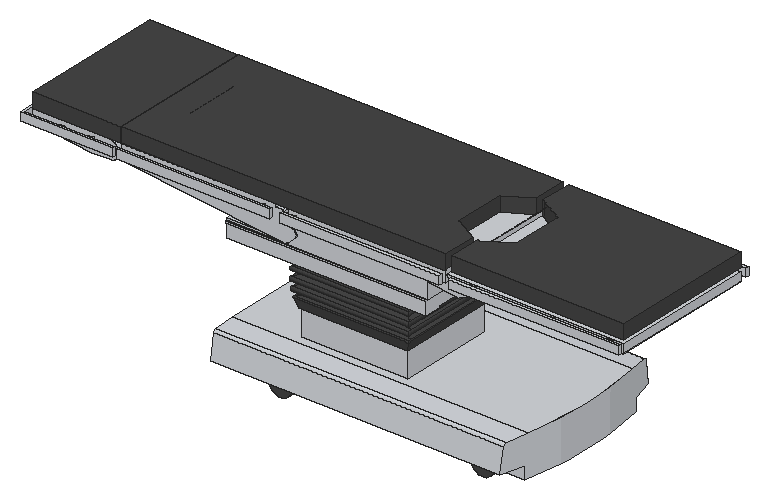
Revit family "R5095SurgicalTable", category Specialty Equipment, Revit 2017
Family settings
  Round Connector Dimension = Use Diameter
  Part Type = Normal
  Work Plane-Based = No
  Always vertical = Yes
  Cut with Voids When Loaded = No
  Shared = No
  Room Calculation Point = No
Parameters (values of type "STERIS 5095 General Surgical Table")
  Tag# = ""
  Manufacturer = "STERIS Corporation"
  Equipment # = "ST015211000"
  Electrical Requirements = "100V, 50/60Hz, 4A; 120V, 50/60Hz, 4A; 220V, 50/60Hz, 4A; 230-240V, 50/60Hz, 4A"
  Drawing # = "413724-501 Rev 3"
  Description = "STERIS 5095 General Surgical Table"
  Assembly Code = "E1020810"
Reference planes (in)
  plane 1 "Center (Front/Back)": y = 0
  plane 2: z = 0.00476
  plane 3 "Center (Left/Right)": x = 0
  plane 4 "Power": z = 2.37632
Forms (in)
  Extrusion 1, solid
    sketch origin (0, 0, 0.00476) x (1, 0, 0) y (0, 1, 0)
      loop
        line (-13.42743, 12.42141) -> (-13.42743, -12.59523) -> (25.73631, -12.59523)
        arc (25.73631, -12.59523) -> (27.60459, -0.08691) -> (25.73631, 12.42141) r 42.80641
        line (25.73631, 12.42141) -> (-13.42743, 12.42141)
    from 0.67407 to 6.20596
  Extrusion 2, solid, material "Render Material 0-0-0"
    sketch origin (0, 0, 0) x (1, 0, 0) y (0, 0, 1)
      loop
        circle (-5.45236, 1.66707) r 1.66231
      loop
        circle (21.92058, 1.66707) r 1.66231
    from 9.42395 to 10.77144
  Extrusion 3, void
    sketch origin (-1.46555, 13.62463, 46.12976) x (0, -1, 0) y (0, 0, 1)
      loop
        line (2.05494, -40.18501) -> (4.89195, -39.9412) -> (-0.66814, -36.35269) -> (-0.66814, -45.75344) -> (4.23986, -45.75344) -> (4.23986, -43.75344) -> (1.22358, -43.75344) -> (1.72567, -40.63535)
        arc (1.72567, -40.63535) -> (1.82173, -40.36004) -> (2.05494, -40.18501) r 0.50041
      loop
        line (22.53461, -39.9412) -> (25.37162, -40.18501)
        arc (25.37162, -40.18501) -> (25.58218, -40.30691) -> (25.70408, -40.51747) r 0.47213
        line (25.70408, -40.51747) -> (26.19959, -43.75344) -> (23.04858, -43.75344) -> (23.04858, -45.75344) -> (27.91739, -45.75344) -> (27.91739, -36.35269) -> (22.53461, -39.9412)
    from -33.71396 to 12
  Extrusion 4, solid, material "Render Material 0-0-0"
    sketch origin (0, 0, 0) x (1, 0, 0) y (0, 0, -1)
      loop
        circle (-5.45236, -1.66707) r 1.66231
      loop
        circle (21.92058, -1.66707) r 1.66231
    from 9.42395 to 10.77144
  Extrusion 5, solid
    sketch origin (-1.46555, 13.62463, 46.12976) x (0, -1, 0) y (0, 0, 1)
      loop
        line (8.47646, -36.40355) -> (8.47646, -39.9412) -> (21.41611, -39.9412) -> (21.41611, -36.40355) -> (8.47646, -36.40355)
    from -10.86824 to 3.45477
  Extrusion 6, solid, material "Render Material 0-0-0"
    sketch origin (-1.46555, 13.62463, 46.12976) x (0, -1, 0) y (0, 0, 1)
      loop
        arc (7.83059, -29.9894) -> (7.66804, -30.2275) -> (7.80832, -30.47937) r 0.27418
        line (7.80832, -30.47937) -> (9.41185, -30.74662)
        arc (9.41185, -30.74662) -> (9.52321, -30.85798) -> (9.41185, -30.96934) r 0.11136
        line (9.41185, -30.96934) -> (7.69696, -31.25887)
        arc (7.69696, -31.25887) -> (7.56303, -31.50965) -> (7.67469, -31.77111) r 0.32881
        line (7.67469, -31.77111) -> (9.12233, -31.99382)
        arc (9.12233, -31.99382) -> (9.2119, -32.11631) -> (9.12233, -32.2388) r 0.12854
        line (9.12233, -32.2388) -> (7.65242, -32.48379)
        arc (7.65242, -32.48379) -> (7.54136, -32.76707) -> (7.67469, -33.04057) r 0.37853
        line (7.67469, -33.04057) -> (9.03324, -33.26329)
        arc (9.03324, -33.26329) -> (9.12233, -33.37464) -> (9.03324, -33.486) r 0.11414
        line (9.03324, -33.486) -> (7.7415, -33.70871)
        arc (7.7415, -33.70871) -> (7.62909, -34.00299) -> (7.76377, -34.28777) r 0.40131
        line (7.76377, -34.28777) -> (9.1446, -34.51048)
        arc (9.1446, -34.51048) -> (9.23417, -34.63297) -> (9.1446, -34.75547) r 0.12854
        line (9.1446, -34.75547) -> (7.8974, -34.95591)
        arc (7.8974, -34.95591) -> (7.82703, -35.0055) -> (7.80832, -35.08954) r 0.11938
        line (7.80832, -35.08954) -> (8.20022, -36.40355) -> (21.67008, -36.40355) -> (22.06198, -35.08954)
        arc (22.06198, -35.08954) -> (22.04327, -35.0055) -> (21.97289, -34.95591) r 0.11938
        line (21.97289, -34.95591) -> (20.74797, -34.75547)
        arc (20.74797, -34.75547) -> (20.63611, -34.63297) -> (20.74797, -34.51048) r 0.123
        line (20.74797, -34.51048) -> (22.10652, -34.28777)
        arc (22.10652, -34.28777) -> (22.26345, -34.00385) -> (22.12879, -33.70871) r 0.36065
        line (22.12879, -33.70871) -> (20.85933, -33.486)
        arc (20.85933, -33.486) -> (20.74797, -33.37464) -> (20.85933, -33.26329) r 0.11136
        line (20.85933, -33.26329) -> (22.21788, -33.04057)
        arc (22.21788, -33.04057) -> (22.35168, -32.76218) -> (22.21788, -32.48379) r 0.35652
        line (22.21788, -32.48379) -> (20.77024, -32.2388)
        arc (20.77024, -32.2388) -> (20.65838, -32.11631) -> (20.77024, -31.99382) r 0.123
        line (20.77024, -31.99382) -> (22.19561, -31.77111)
        arc (22.19561, -31.77111) -> (22.32943, -31.51499) -> (22.19561, -31.25887) r 0.312
        line (22.19561, -31.25887) -> (20.45844, -30.96934)
        arc (20.45844, -30.96934) -> (20.36936, -30.85798) -> (20.45844, -30.74662) r 0.11414
        line (20.45844, -30.74662) -> (22.06198, -30.47937)
        arc (22.06198, -30.47937) -> (22.20263, -30.24832) -> (22.07868, -30.0079) r 0.27634
        line (22.07868, -30.0079) -> (20.7105, -29.76786) -> (9.11952, -29.76786) -> (7.83059, -29.9894)
    from -11.80111 to 4.36789
  Extrusion 7, void
    sketch origin (0, 0, 0) x (1, 0, 0) y (0, 0, 1)
      loop
        line (-5.54392, 16.16252) -> (-5.00439, 16.25245)
        arc (-5.00439, 16.25245) -> (-5.02505, 16.3054) -> (-5.03124, 16.36189) r 0.21688
        line (-5.03124, 16.36189) -> (-5.3848, 16.71545) -> (-6.53248, 16.71545) -> (-6.53248, 9.46545) -> (-5.11882, 9.46545) -> (-5.58846, 11.04011)
        arc (-5.58846, 11.04011) -> (-5.58087, 11.13918) -> (-5.49937, 11.19601) r 0.11597
        line (-5.49937, 11.19601) -> (-4.25218, 11.39646)
        arc (-4.25218, 11.39646) -> (-4.16261, 11.51895) -> (-4.25218, 11.64144) r 0.12854
        line (-4.25218, 11.64144) -> (-5.61073, 11.86415)
        arc (-5.61073, 11.86415) -> (-5.76773, 12.14332) -> (-5.65527, 12.44321) r 0.37957
        line (-5.65527, 12.44321) -> (-4.36354, 12.66592)
        arc (-4.36354, 12.66592) -> (-4.27445, 12.77728) -> (-4.36354, 12.88864) r 0.11414
        line (-4.36354, 12.88864) -> (-5.72209, 13.11135)
        arc (-5.72209, 13.11135) -> (-5.85589, 13.38974) -> (-5.72209, 13.66813) r 0.35652
        line (-5.72209, 13.66813) -> (-4.27445, 13.91312)
        arc (-4.27445, 13.91312) -> (-4.18536, 14.02447) -> (-4.27445, 14.13583) r 0.11414
        line (-4.27445, 14.13583) -> (-5.72209, 14.38082)
        arc (-5.72209, 14.38082) -> (-5.83466, 14.63142) -> (-5.69982, 14.87079) r 0.30475
        line (-5.69982, 14.87079) -> (-3.96265, 15.16031)
        arc (-3.96265, 15.16031) -> (-3.87308, 15.28281) -> (-3.96265, 15.4053) r 0.12854
        line (-3.96265, 15.4053) -> (-5.58846, 15.67255)
        arc (-5.58846, 15.67255) -> (-5.72716, 15.93217) -> (-5.54392, 16.16252) r 0.26801
    from -6.34883 to 9.19812
  Extrusion 8, void
    sketch origin (4.45805, 0, 0) x (-1, 0, 0) y (0, 0, -1)
      loop
        arc (-5.54392, -16.16252) -> (-5.72716, -15.93217) -> (-5.58846, -15.67255) r 0.26801
        line (-5.58846, -15.67255) -> (-3.96265, -15.4053)
        arc (-3.96265, -15.4053) -> (-3.87308, -15.28281) -> (-3.96265, -15.16031) r 0.12854
        line (-3.96265, -15.16031) -> (-5.69982, -14.87079)
        arc (-5.69982, -14.87079) -> (-5.83466, -14.63142) -> (-5.72209, -14.38082) r 0.30475
        line (-5.72209, -14.38082) -> (-4.27445, -14.13583)
        arc (-4.27445, -14.13583) -> (-4.18536, -14.02447) -> (-4.27445, -13.91312) r 0.11414
        line (-4.27445, -13.91312) -> (-5.72209, -13.66813)
        arc (-5.72209, -13.66813) -> (-5.85589, -13.38974) -> (-5.72209, -13.11135) r 0.35652
        line (-5.72209, -13.11135) -> (-4.36354, -12.88864)
        arc (-4.36354, -12.88864) -> (-4.27445, -12.77728) -> (-4.36354, -12.66592) r 0.11414
        line (-4.36354, -12.66592) -> (-5.65527, -12.44321)
        arc (-5.65527, -12.44321) -> (-5.76773, -12.14332) -> (-5.61073, -11.86415) r 0.37957
        line (-5.61073, -11.86415) -> (-4.25218, -11.64144)
        arc (-4.25218, -11.64144) -> (-4.16261, -11.51895) -> (-4.25218, -11.39646) r 0.12854
        line (-4.25218, -11.39646) -> (-5.49937, -11.19601)
        arc (-5.49937, -11.19601) -> (-5.58087, -11.13918) -> (-5.58846, -11.04011) r 0.11597
        line (-5.58846, -11.04011) -> (-5.11882, -9.46545) -> (-6.53248, -9.46545) -> (-6.53248, -16.71545) -> (-5.3848, -16.71545) -> (-5.03124, -16.36189)
        arc (-5.03124, -16.36189) -> (-5.02505, -16.3054) -> (-5.00439, -16.25245) r 0.21688
        line (-5.00439, -16.25245) -> (-5.54392, -16.16252)
    from -6.34883 to 9.19812
  Extrusion 9, solid, material "Render Material 0-0-0"
    sketch origin (0, -9.92954, 0) x (0, 0, 1) y (1, 0, 0)
      loop
        line (24.67637, -39.69596) -> (24.67637, -27.74949) -> (22.65651, -27.74949) -> (22.65651, -39.69596) -> (24.67637, -39.69596)
      loop
        line (24.67587, -27.63867) -> (24.67587, 16.2685) -> (22.67867, 16.2685) -> (22.67867, -27.63867) -> (24.67587, -27.63867)
      loop
        line (24.67587, 17.04424) -> (24.67587, 40.36092) -> (22.74517, 40.36092) -> (22.74517, 17.04424) -> (24.67587, 17.04424)
    from -0.04433 to 19.81474
  Extrusion 10, solid
    sketch origin (0, 0, 0.00476) x (1, 0, 0) y (0, 1, 0)
      loop
        line (-40.49957, 10.97373) -> (-40.49957, 7.97537) -> (-40.10848, 7.97537) -> (-40.10848, 10.58264) -> (-28.02813, 10.58264) -> (-28.02813, 10.97373) -> (-40.49957, 10.97373)
      loop
        line (-27.50668, 10.97373) -> (-27.50668, 10.6261) -> (-6.73544, 10.6261) -> (-6.73544, 10.97373) -> (-27.50668, 10.97373)
      loop
        line (-5.3449, 10.97373) -> (-5.3449, 10.58264) -> (16.20852, 10.58264) -> (16.20852, 10.97373) -> (-5.3449, 10.97373)
      loop
        line (17.55561, 10.97373) -> (17.55561, 10.6261) -> (40.49957, 10.6261) -> (40.49957, 10.97373) -> (17.55561, 10.97373)
      loop
        line (17.55561, -10.6261) -> (17.55561, -10.97373) -> (40.49957, -10.97373) -> (40.49957, -10.6261) -> (17.55561, -10.6261)
      loop
        line (16.20852, -10.97373) -> (16.20852, -10.58264) -> (-5.3449, -10.58264) -> (-5.3449, -10.97373) -> (16.20852, -10.97373)
      loop
        line (-6.73544, -10.97373) -> (-6.73544, -10.6261) -> (-27.50668, -10.6261) -> (-27.50668, -10.97373) -> (-6.73544, -10.97373)
      loop
        line (-28.02813, -11.01719) -> (-28.02813, -10.66955) -> (-40.10848, -10.66955) -> (-40.10848, -8.01883) -> (-40.49957, -8.01883) -> (-40.49957, -11.01719) -> (-28.02813, -11.01719)
    from 21.3219 to 22.45227
  Extrusion 11, solid
    sketch origin (0, 0, 0.00476) x (1, 0, 0) y (0, 1, 0)
      loop
        line (-35.24158, 10.58264) -> (-35.89339, 10.58264) -> (-35.89339, 9.92935) -> (-35.24158, 9.92935) -> (-35.24158, 10.58264)
      loop
        line (-31.37413, 10.58264) -> (-32.02594, 10.58264) -> (-32.02594, 9.92935) -> (-31.37413, 9.92935) -> (-31.37413, 10.58264)
      loop
        line (-25.20359, 10.6261) -> (-25.20359, 9.92935) -> (-24.59523, 9.92935) -> (-24.59523, 10.6261) -> (-25.20359, 10.6261)
      loop
        line (-8.21289, 10.6261) -> (-8.82126, 10.6261) -> (-8.82126, 9.92935) -> (-8.21289, 9.92935) -> (-8.21289, 10.6261)
      loop
        line (-4.64963, 10.58264) -> (-4.64963, 9.92935) -> (-4.08692, 9.92935) -> (-4.08692, 10.58264) -> (-4.64963, 10.58264)
      loop
        line (8.2998, 10.58264) -> (7.77835, 10.58264) -> (7.77835, 9.92935) -> (8.2998, 9.92935) -> (8.2998, 10.58264)
      loop
        line (13.21016, 10.58264) -> (13.21016, 9.92935) -> (13.81852, 9.92935) -> (13.81852, 10.58264) -> (13.21016, 10.58264)
      loop
        line (19.68487, 10.6261) -> (19.68487, 9.9728) -> (20.33669, 9.9728) -> (20.33669, 10.6261) -> (19.68487, 10.6261)
      loop
        line (30.33122, 10.6261) -> (30.33122, 9.9728) -> (30.93958, 9.9728) -> (30.93958, 10.6261) -> (30.33122, 10.6261)
      loop
        line (38.23993, 10.6261) -> (38.23993, 9.9728) -> (38.89175, 9.9728) -> (38.89175, 10.6261) -> (38.23993, 10.6261)
      loop
        line (-35.24158, -10.58264) -> (-35.24158, -9.92935) -> (-35.89339, -9.92935) -> (-35.89339, -10.58264) -> (-35.24158, -10.58264)
      loop
        line (-31.37413, -10.58264) -> (-31.37413, -9.92935) -> (-32.02594, -9.92935) -> (-32.02594, -10.58264) -> (-31.37413, -10.58264)
      loop
        line (-25.20359, -10.6261) -> (-24.59523, -10.6261) -> (-24.59523, -9.92935) -> (-25.20359, -9.92935) -> (-25.20359, -10.6261)
      loop
        line (-8.21289, -10.6261) -> (-8.21289, -9.92935) -> (-8.82126, -9.92935) -> (-8.82126, -10.6261) -> (-8.21289, -10.6261)
      loop
        line (-4.64963, -10.58264) -> (-4.08692, -10.58264) -> (-4.08692, -9.92935) -> (-4.64963, -9.92935) -> (-4.64963, -10.58264)
      loop
        line (8.2998, -10.58264) -> (8.2998, -9.92935) -> (7.77835, -9.92935) -> (7.77835, -10.58264) -> (8.2998, -10.58264)
      loop
        line (13.21016, -10.58264) -> (13.81852, -10.58264) -> (13.81852, -9.92935) -> (13.21016, -9.92935) -> (13.21016, -10.58264)
      loop
        line (19.68487, -10.6261) -> (20.33669, -10.6261) -> (20.33669, -9.9728) -> (19.68487, -9.9728) -> (19.68487, -10.6261)
      loop
        line (30.33122, -10.6261) -> (30.93958, -10.6261) -> (30.93958, -9.9728) -> (30.33122, -9.9728) -> (30.33122, -10.6261)
      loop
        line (38.23993, -10.6261) -> (38.89175, -10.6261) -> (38.89175, -9.9728) -> (38.23993, -9.9728) -> (38.23993, -10.6261)
    from 21.57777 to 22.1012
  Extrusion 12, solid
    sketch origin (0, -9.92954, 0) x (0, 0, 1) y (1, 0, 0)
      loop
        line (20.21845, -28.96852) -> (20.17413, -29.25665) -> (20.17413, -31.60605) -> (20.9942, -39.3635)
        arc (20.9942, -39.3635) -> (21.1083, -39.5557) -> (21.28233, -39.69596) r 0.62987
        line (21.28233, -39.69596) -> (22.56785, -39.69596) -> (22.65651, -39.6073) -> (22.65651, -28.95585) -> (22.4127, -28.50307)
        arc (22.4127, -28.50307) -> (22.03167, -28.12259) -> (21.50397, -28.01546) r 0.93469
        spline (21.50397, -28.01546) -> (21.35736, -28.01353) -> (21.21245, -28.02962) -> (21.07091, -28.06276) -> (20.93436, -28.11199) -> (20.80444, -28.17634) -> (20.68279, -28.25483) -> (20.57106, -28.3465) -> (20.47088, -28.45037) -> (20.38389, -28.56547) -> (20.31173, -28.69085) -> (20.25604, -28.82552) -> (20.21845, -28.96852)
      loop
        line (20.9942, -27.59434) -> (22.67867, -27.59434) -> (22.67867, -6.71572) -> (22.30188, -6.67139) -> (22.30188, -5.80699)
        arc (22.30188, -5.80699) -> (22.23539, -5.674) -> (22.10241, -5.60751) r 0.23509
        line (22.10241, -5.60751) -> (21.70345, -5.60751)
        arc (21.70345, -5.60751) -> (21.5492, -5.56308) -> (21.41532, -5.47453) r 0.53033
        line (21.41532, -5.47453) -> (20.08547, -4.05602)
        arc (20.08547, -4.05602) -> (19.79734, -3.9452) -> (19.5092, -4.05602) r 0.42998
        line (19.5092, -4.05602) -> (18.77779, -4.87609) -> (18.57831, -5.14206)
        arc (18.57831, -5.14206) -> (18.39855, -5.60184) -> (18.37883, -6.09512) r 1.49053
        line (18.37883, -6.09512) -> (18.55614, -7.69094) -> (18.57831, -7.93475) -> (20.59525, -27.23971)
        arc (20.59525, -27.23971) -> (20.74763, -27.47) -> (20.9942, -27.59434) r 0.53794
      loop
        line (19.96287, 17.74735) -> (20.39577, 13.80828) -> (20.50659, 13.80828)
        arc (20.50659, 13.80828) -> (20.7033, 13.89277) -> (20.81689, 14.07425) r 0.35882
        line (20.81689, 14.07425) -> (21.19368, 16.24633)
        arc (21.19368, 16.24633) -> (21.6739, 16.68528) -> (22.23539, 16.35662) r 0.54837
        line (22.23539, 16.35662) -> (22.23539, 40.36092) -> (21.03853, 40.36092) -> (20.97204, 40.29442) -> (20.97204, 37.48439) -> (21.04334, 37.41309) -> (21.32666, 37.41309) -> (21.32666, 32.44674)
        arc (21.32666, 32.44674) -> (20.96496, 31.66167) -> (20.72823, 30.83034) r 5.60684
        line (20.72823, 30.83034) -> (20.72823, 19.70394) -> (20.81689, 19.61528) -> (21.32666, 19.61528) -> (21.32666, 19.4823) -> (21.23801, 19.4823) -> (20.56782, 19.32053) -> (19.97465, 17.9973)
        arc (19.97465, 17.9973) -> (19.95732, 17.87287) -> (19.96287, 17.74735) r 0.68898
    from -0.04433 to 19.81474
  Extrusion 13, solid
    sketch origin (-1.46555, 13.62463, 46.12976) x (0, -1, 0) y (0, 0, 1)
      loop
        line (3.73942, -28.14988) -> (3.73942, -30.01167) -> (6.00016, -30.01167) -> (6.00016, -29.76786) -> (21.24909, -29.76786) -> (21.24909, -30.01167) -> (23.54308, -30.01167) -> (23.54308, -28.14988) -> (23.57632, -28.14988) -> (23.57632, -27.83958) -> (23.50983, -27.83958) -> (23.50983, -27.57361) -> (3.76158, -27.57361) -> (3.76158, -27.83958) -> (3.67293, -27.83958) -> (3.67293, -28.14988) -> (3.73942, -28.14988)
    from -14.94137 to 12
  Extrusion 14, solid
    sketch origin (0, -9.92954, 0) x (0, 0, 1) y (1, 0, 0)
      loop
        line (22.67867, -5.00908) -> (22.67867, 16.2685) -> (21.19752, 16.2685) -> (20.81689, 14.07425)
        arc (20.81689, 14.07425) -> (20.65616, 13.85817) -> (20.39094, 13.8115) r 0.36436
        line (20.39094, 13.8115) -> (18.26801, 13.8115) -> (18.26801, -5.00908) -> (22.67867, -5.00908)
    from 0 to 19.81474
  Extrusion 15, void
    sketch origin (0, 0, 0.00476) x (1, 0, 0) y (0, 1, 0)
      loop
        line (12.86252, 3.46579) -> (12.86252, -3.42057) -> (16.38234, -5.51343) -> (17.16452, -5.51343) -> (20.68433, -3.42057) -> (20.68433, 3.46579) -> (17.16452, 5.51108) -> (16.38234, 5.51108) -> (12.86252, 3.46579)
    from 19.50444 to 27.85912
Cuts and joins
  Extrusion 3, Extrusion 15 cuts Extrusion 1
  Extrusion 7, Extrusion 8 cuts Extrusion 6
  Extrusion 15 cuts Extrusion 9
Lines and regions (in)
  symbolic lines, style "AMSUTILITIES"
    curve 1: circle (-13.42743, 0, 0.00476) r 1 normal (0, 0, 1)
  symbolic lines, style "AMSEQUIP"
    curve 2: line (-32.02594, -10.01626, 0.00476) -> (-32.02594, -10.66955, 0.00476)
    curve 3: line (-35.24158, -10.01626, 0.00476) -> (-35.24158, -10.66955, 0.00476)
    curve 4: line (-35.89339, -10.01626, 0.00476) -> (-35.89339, -10.66955, 0.00476)
    curve 5: line (-27.98468, -9.0168, 0.00476) -> (-27.98468, -10.01626, 0.00476)
    curve 6: line (-27.98468, -10.01626, 0.00476) -> (-39.67393, -10.01626, 0.00476)
    curve 7: line (-39.67393, -10.01626, 0.00476) -> (-39.67393, 9.92935, 0.00476)
    curve 8: line (-39.67393, 9.92935, 0.00476) -> (-28.02813, 9.92935, 0.00476)
    curve 9: line (-28.02813, 9.92935, 0.00476) -> (-28.02813, 9.79898, 0.00476)
    curve 10: line (-28.02813, 9.79898, 0.00476) -> (-27.98226, 8.97335, 0.00476)
    curve 11: line (-27.98226, 8.97335, 0.00476) -> (-30.54849, 8.97335, 0.00476)
    curve 12: line (-31.41758, -10.66955, 0.00476) -> (-31.41758, -10.01626, 0.00476)
    curve 13: line (-35.89339, 10.58264, 0.00476) -> (-35.89339, 9.92935, 0.00476)
    curve 14: line (-35.24158, 10.58264, 0.00476) -> (-35.24158, 9.92935, 0.00476)
    curve 15: line (-32.02594, 10.58264, 0.00476) -> (-32.02594, 9.92935, 0.00476)
    curve 16: line (-31.41758, 10.58264, 0.00476) -> (-31.41758, 9.92935, 0.00476)
    curve 17: line (-30.54849, -10.01626, 0.00476) -> (-30.54849, -7.93044, 0.00476)
    curve 18: line (-30.54849, -7.93044, 0.00476) -> (-29.2014, -7.93044, 0.00476)
    curve 19: line (-29.2014, -7.93044, 0.00476) -> (-29.2014, 7.84353, 0.00476)
    curve 20: line (-30.54849, 8.92989, 0.00476) -> (-27.55013, 8.92989, 0.00476)
    curve 21: line (-27.55013, 7.93044, 0.00476) -> (-30.54849, 7.93044, 0.00476)
    curve 22: line (-29.54904, 8.92989, 0.00476) -> (-29.54904, 8.97335, 0.00476)
    curve 23: line (-28.89722, 8.97335, 0.00476) -> (-28.89722, 8.92989, 0.00476)
    curve 24: line (-40.10848, -10.66955, 0.00476) -> (-40.10848, -8.01883, 0.00476)
    curve 25: line (-40.10848, -8.01883, 0.00476) -> (-40.49957, -8.01883, 0.00476)
    curve 26: line (-40.49957, -8.01883, 0.00476) -> (-40.49957, -11.01719, 0.00476)
    curve 27: line (-40.49957, -11.01719, 0.00476) -> (-28.02813, -11.01719, 0.00476)
    curve 28: line (-28.02813, -11.01719, 0.00476) -> (-28.02813, -10.66955, 0.00476)
    curve 29: line (-28.02813, -10.66955, 0.00476) -> (-40.10848, -10.66955, 0.00476)
    curve 30: line (-28.02813, 10.58264, 0.00476) -> (-40.10848, 10.58264, 0.00476)
    curve 31: line (-40.10848, 10.58264, 0.00476) -> (-40.10848, 7.97537, 0.00476)
    curve 32: line (-40.10848, 7.97537, 0.00476) -> (-40.49957, 7.97537, 0.00476)
    curve 33: line (-40.49957, 7.97537, 0.00476) -> (-40.49957, 10.97373, 0.00476)
    curve 34: line (-40.49957, 10.97373, 0.00476) -> (-28.02813, 10.97373, 0.00476)
    curve 35: line (-28.02813, 10.97373, 0.00476) -> (-28.02813, 10.58264, 0.00476)
    curve 36: line (-27.55013, -9.0168, 0.00476) -> (-30.54849, -9.0168, 0.00476)
    curve 37: line (-30.54849, -8.01735, 0.00476) -> (-27.55013, -8.01735, 0.00476)
    curve 38: line (-30.54849, 9.92935, 0.00476) -> (-30.54849, 7.84353, 0.00476)
    curve 39: line (-30.54849, 7.84353, 0.00476) -> (-29.2014, 7.84353, 0.00476)
    curve 40: line (38.89175, -9.9728, 0.00476) -> (38.89175, -10.6261, 0.00476)
    curve 41: line (38.89175, 9.9728, 0.00476) -> (38.89175, 10.6261, 0.00476)
    curve 42: line (38.23993, -9.9728, 0.00476) -> (38.23993, -10.6261, 0.00476)
    curve 43: line (38.23993, 9.9728, 0.00476) -> (38.23993, 10.6261, 0.00476)
    curve 44: line (30.93958, -9.9728, 0.00476) -> (30.93958, -10.6261, 0.00476)
    curve 45: line (30.33122, -9.9728, 0.00476) -> (30.33122, -10.6261, 0.00476)
    curve 46: line (30.33122, 9.9728, 0.00476) -> (30.33122, 10.6261, 0.00476)
    curve 47: line (19.68487, 10.6261, 0.00476) -> (19.68487, 9.9728, 0.00476)
    curve 48: line (19.68487, -9.9728, 0.00476) -> (19.68487, -10.6261, 0.00476)
    curve 49: line (40.49957, -10.6261, 0.00476) -> (40.49957, -10.97373, 0.00476)
    curve 50: line (40.49957, -10.97373, 0.00476) -> (17.55561, -10.97373, 0.00476)
    curve 51: line (17.55561, -10.97373, 0.00476) -> (17.55561, -10.6261, 0.00476)
    curve 52: line (17.55561, -10.6261, 0.00476) -> (40.49957, -10.6261, 0.00476)
    curve 53: line (16.38234, 8.19117, 0.00476) -> (16.64306, 8.19117, 0.00476)
    curve 54: line (16.64306, 8.19117, 0.00476) -> (16.64306, 7.58281, 0.00476)
    curve 55: line (16.38234, 9.32098, 0.00476) -> (16.64306, 9.32098, 0.00476)
    curve 56: line (16.64306, 9.32098, 0.00476) -> (16.64306, 9.88589, 0.00476)
    curve 57: line (16.55615, -8.19117, 0.00476) -> (16.55615, -8.32153, 0.00476)
    curve 58: line (16.55615, -8.49535, 0.00476) -> (16.55615, -9.32098, 0.00476)
    curve 59: line (16.55615, 8.19117, 0.00476) -> (16.55615, 9.32098, 0.00476)
    curve 60: line (16.46924, -8.19117, 0.00476) -> (16.46924, -8.32153, 0.00476)
    curve 61: line (17.16452, -9.88589, 0.00476) -> (16.38234, -9.88589, 0.00476)
    curve 62: line (13.81852, -10.01626, 0.00476) -> (13.81852, -10.58264, 0.00476)
    curve 63: line (17.16452, -8.49535, 0.00476) -> (16.38234, -8.49535, 0.00476)
    curve 64: line (17.16452, -8.32153, 0.00476) -> (16.38234, -8.32153, 0.00476)
    curve 65: line (17.16452, -7.58281, 0.00476) -> (16.38234, -7.58281, 0.00476)
    curve 66: line (13.21016, 10.58264, 0.00476) -> (13.21016, 9.92935, 0.00476)
    curve 67: line (16.38234, -7.4959, 0.00476) -> (16.68652, -7.4959, 0.00476)
    curve 68: line (16.68652, -7.4959, 0.00476) -> (16.68652, -6.97444, 0.00476)
    curve 69: line (16.68652, -6.97444, 0.00476) -> (16.38234, -6.97444, 0.00476)
    curve 70: line (8.2998, -10.01626, 0.00476) -> (8.2998, -10.58264, 0.00476)
    curve 71: line (7.77835, -10.58264, 0.00476) -> (7.77835, -10.01626, 0.00476)
    curve 72: line (20.33669, -10.6261, 0.00476) -> (20.33669, -9.9728, 0.00476)
    curve 73: line (17.55561, 10.97373, 0.00476) -> (17.55561, 10.6261, 0.00476)
    curve 74: line (17.55561, 10.6261, 0.00476) -> (40.49957, 10.6261, 0.00476)
    curve 75: line (40.49957, 10.6261, 0.00476) -> (40.49957, 10.97373, 0.00476)
    curve 76: line (40.49957, 10.97373, 0.00476) -> (17.55561, 10.97373, 0.00476)
    curve 77: line (13.21016, -10.01626, 0.00476) -> (13.21016, -10.58264, 0.00476)
    curve 78: line (16.38234, 6.97444, 0.00476) -> (16.68652, 6.97444, 0.00476)
    curve 79: line (16.68652, 6.97444, 0.00476) -> (16.68652, 7.4959, 0.00476)
    curve 80: line (16.68652, 7.4959, 0.00476) -> (16.38234, 7.4959, 0.00476)
    curve 81: line (17.16452, 7.58281, 0.00476) -> (16.38234, 7.58281, 0.00476)
    curve 82: line (-4.64963, -10.01626, 0.00476) -> (-4.64963, -10.58264, 0.00476)
    curve 83: line (-4.08472, -10.58264, 0.00476) -> (-4.08472, -10.01626, 0.00476)
    curve 84: line (16.20852, -10.97373, 0.00476) -> (16.20852, -10.58264, 0.00476)
    curve 85: line (16.20852, -10.58264, 0.00476) -> (-5.3449, -10.58264, 0.00476)
    curve 86: line (-5.3449, -10.58264, 0.00476) -> (-5.3449, -10.97373, 0.00476)
    curve 87: line (-5.3449, -10.97373, 0.00476) -> (16.20852, -10.97373, 0.00476)
    curve 88: line (7.77835, 9.92935, 0.00476) -> (7.77835, 10.58264, 0.00476)
    curve 89: line (8.2998, 10.58264, 0.00476) -> (8.2998, 9.92935, 0.00476)
    curve 90: line (13.81852, 9.92935, 0.00476) -> (13.81852, 10.58264, 0.00476)
    curve 91: line (-4.08472, 9.9728, 0.00476) -> (-4.08472, 10.58264, 0.00476)
    curve 92: line (-4.64963, 10.58264, 0.00476) -> (-4.64963, 9.92935, 0.00476)
    curve 93: line (16.20852, 10.58264, 0.00476) -> (-5.3449, 10.58264, 0.00476)
    curve 94: line (-5.3449, 10.58264, 0.00476) -> (-5.3449, 10.97373, 0.00476)
    curve 95: line (-5.3449, 10.97373, 0.00476) -> (16.20852, 10.97373, 0.00476)
    curve 96: line (16.20852, 10.97373, 0.00476) -> (16.20852, 10.58264, 0.00476)
    curve 97: line (30.93958, 9.9728, 0.00476) -> (30.93958, 10.6261, 0.00476)
    curve 98: line (20.33669, 9.9728, 0.00476) -> (20.33669, 10.6261, 0.00476)
    curve 99: line (-8.21289, -10.01626, 0.00476) -> (-8.21289, -10.6261, 0.00476)
    curve 100: line (-8.82126, -10.6261, 0.00476) -> (-8.82126, -10.01626, 0.00476)
    curve 101: line (-8.21289, 10.6261, 0.00476) -> (-8.21289, 9.92935, 0.00476)
    curve 102: line (-8.82126, 9.92935, 0.00476) -> (-8.82126, 10.6261, 0.00476)
    curve 103: line (-13.42743, -10.01626, 0.00476) -> (-13.42743, -10.6261, 0.00476)
    curve 104: line (-13.42743, 9.92935, 0.00476) -> (-13.42743, 10.6261, 0.00476)
    curve 105: line (-24.59523, 10.6261, 0.00476) -> (-24.59523, 9.92935, 0.00476)
    curve 106: line (-24.59523, -10.01626, 0.00476) -> (-24.59523, -10.6261, 0.00476)
    curve 107: line (-25.20359, 9.92935, 0.00476) -> (-25.20359, 10.6261, 0.00476)
    curve 108: line (-25.20359, -10.01626, 0.00476) -> (-25.20359, -10.6261, 0.00476)
    curve 109: line (-6.73544, 10.97373, 0.00476) -> (-27.50668, 10.97373, 0.00476)
    curve 110: line (-27.50668, 10.97373, 0.00476) -> (-27.50668, 10.6261, 0.00476)
    curve 111: line (-27.50668, 10.6261, 0.00476) -> (-6.73544, 10.6261, 0.00476)
    curve 112: line (-6.73544, 10.6261, 0.00476) -> (-6.73544, 10.97373, 0.00476)
    curve 113: line (-6.73544, -10.6261, 0.00476) -> (-27.50668, -10.6261, 0.00476)
    curve 114: line (-27.50668, -10.6261, 0.00476) -> (-27.50668, -10.97373, 0.00476)
    curve 115: line (-27.50668, -10.97373, 0.00476) -> (-6.73544, -10.97373, 0.00476)
    curve 116: line (-6.73544, -10.97373, 0.00476) -> (-6.73544, -10.6261, 0.00476)
    curve 117: line (16.38234, -10.01626, 0.00476) -> (16.38234, -5.51343, 0.00476)
    curve 118: line (16.38234, -5.51343, 0.00476) -> (12.86252, -3.42057, 0.00476)
    curve 119: line (12.86252, -3.42057, 0.00476) -> (12.86252, 3.46579, 0.00476)
    curve 120: line (12.86252, 3.46579, 0.00476) -> (16.38234, 5.51108, 0.00476)
    curve 121: line (16.38234, 5.51108, 0.00476) -> (16.38234, 9.92935, 0.00476)
    curve 122: line (16.38234, 9.92935, 0.00476) -> (-27.55013, 9.92935, 0.00476)
    curve 123: line (-27.55013, 9.92935, 0.00476) -> (-27.55013, -10.01626, 0.00476)
    curve 124: line (-27.55013, -10.01626, 0.00476) -> (16.38234, -10.01626, 0.00476)
    curve 125: line (26.2699, -10.6261, 0.00476) -> (26.4474, -9.9728, 0.00476)
    curve 126: line (17.16452, -9.84244, 0.00476) -> (16.64306, -9.84244, 0.00476)
    curve 127: line (16.64306, -9.88589, 0.00476) -> (16.64306, -9.32098, 0.00476)
    curve 128: line (16.64306, -9.32098, 0.00476) -> (16.38234, -9.32098, 0.00476)
    curve 129: line (17.16452, -7.62626, 0.00476) -> (16.64306, -7.62626, 0.00476)
    curve 130: line (16.64306, -7.58281, 0.00476) -> (16.64306, -8.19117, 0.00476)
    curve 131: line (16.64306, -8.19117, 0.00476) -> (16.38234, -8.19117, 0.00476)
    curve 132: line (17.16452, 9.84244, 0.00476) -> (16.64306, 9.84244, 0.00476)
    curve 133: line (17.16452, 7.66971, 0.00476) -> (16.64306, 7.66971, 0.00476)
    curve 134: line (17.16452, 9.88589, 0.00476) -> (16.38234, 9.88589, 0.00476)
    curve 135: line (17.16452, -9.9728, 0.00476) -> (40.49957, -9.9728, 0.00476)
    curve 136: line (40.49957, -9.9728, 0.00476) -> (40.49957, 9.9728, 0.00476)
    curve 137: line (40.49957, 9.9728, 0.00476) -> (17.16452, 9.9728, 0.00476)
    curve 138: line (17.16452, 9.9728, 0.00476) -> (17.16452, 5.51108, 0.00476)
    curve 139: line (17.16452, 5.51108, 0.00476) -> (20.68433, 3.46579, 0.00476)
    curve 140: line (20.68433, 3.46579, 0.00476) -> (20.68433, -3.42057, 0.00476)
    curve 141: line (20.68433, -3.42057, 0.00476) -> (17.16452, -5.51343, 0.00476)
    curve 142: line (17.16452, -5.51343, 0.00476) -> (17.16452, -9.9728, 0.00476)
    curve 143: line (26.17544, -10.97373, 0.00476) -> (25.73486, -12.59523, 0.00476)
    curve 144: line (25.73486, -12.59523, 0.00476) -> (-13.42743, -12.59523, 0.00476)
    curve 145: line (-13.42743, -12.59523, 0.00476) -> (-13.42743, -10.97373, 0.00476)
    curve 146: line (-13.42743, 10.97373, 0.00476) -> (-13.42743, 12.42141, 0.00476)
    curve 147: line (-13.42743, 12.42141, 0.00476) -> (25.73631, 12.42141, 0.00476)
    curve 148: line (25.73631, 12.42141, 0.00476) -> (26.11443, 10.97373, 0.00476)
    curve 149: line (26.20522, 10.6261, 0.00476) -> (26.37585, 9.9728, 0.00476)
  symbolic lines, style "AMSUTILITIES", not visible
    curve 150: circle (-13.42743, 0, 0.00476) r 1 normal (0, 0, 1)
  symbolic lines, style "AMSEQUIP", not visible
    curve 151: line (-32.02594, -10.01626, 0.00476) -> (-32.02594, -10.66955, 0.00476)
    curve 152: line (-35.24158, -10.01626, 0.00476) -> (-35.24158, -10.66955, 0.00476)
    curve 153: line (-35.89339, -10.01626, 0.00476) -> (-35.89339, -10.66955, 0.00476)
    curve 154: line (-27.98468, -9.0168, 0.00476) -> (-27.98468, -10.01626, 0.00476)
    curve 155: line (-27.98468, -10.01626, 0.00476) -> (-39.67393, -10.01626, 0.00476)
    curve 156: line (-39.67393, -10.01626, 0.00476) -> (-39.67393, 9.92935, 0.00476)
    curve 157: line (-39.67393, 9.92935, 0.00476) -> (-28.02813, 9.92935, 0.00476)
    curve 158: line (-28.02813, 9.92935, 0.00476) -> (-28.02813, 9.79898, 0.00476)
    curve 159: line (-28.02813, 9.79898, 0.00476) -> (-27.98226, 8.97335, 0.00476)
    curve 160: line (-27.98226, 8.97335, 0.00476) -> (-30.54849, 8.97335, 0.00476)
    curve 161: line (-31.41758, -10.66955, 0.00476) -> (-31.41758, -10.01626, 0.00476)
    curve 162: line (-35.89339, 10.58264, 0.00476) -> (-35.89339, 9.92935, 0.00476)
    curve 163: line (-35.24158, 10.58264, 0.00476) -> (-35.24158, 9.92935, 0.00476)
    curve 164: line (-32.02594, 10.58264, 0.00476) -> (-32.02594, 9.92935, 0.00476)
    curve 165: line (-31.41758, 10.58264, 0.00476) -> (-31.41758, 9.92935, 0.00476)
    curve 166: line (-30.54849, -10.01626, 0.00476) -> (-30.54849, -7.93044, 0.00476)
    curve 167: line (-30.54849, -7.93044, 0.00476) -> (-29.2014, -7.93044, 0.00476)
    curve 168: line (-29.2014, -7.93044, 0.00476) -> (-29.2014, 7.84353, 0.00476)
    curve 169: line (-30.54849, 8.92989, 0.00476) -> (-27.55013, 8.92989, 0.00476)
    curve 170: line (-27.55013, 7.93044, 0.00476) -> (-30.54849, 7.93044, 0.00476)
    curve 171: line (-29.54904, 8.92989, 0.00476) -> (-29.54904, 8.97335, 0.00476)
    curve 172: line (-28.89722, 8.97335, 0.00476) -> (-28.89722, 8.92989, 0.00476)
    curve 173: line (-40.10848, -10.66955, 0.00476) -> (-40.10848, -8.01883, 0.00476)
    curve 174: line (-40.10848, -8.01883, 0.00476) -> (-40.49957, -8.01883, 0.00476)
    curve 175: line (-40.49957, -8.01883, 0.00476) -> (-40.49957, -11.01719, 0.00476)
    curve 176: line (-40.49957, -11.01719, 0.00476) -> (-28.02813, -11.01719, 0.00476)
    curve 177: line (-28.02813, -11.01719, 0.00476) -> (-28.02813, -10.66955, 0.00476)
    curve 178: line (-28.02813, -10.66955, 0.00476) -> (-40.10848, -10.66955, 0.00476)
    curve 179: line (-28.02813, 10.58264, 0.00476) -> (-40.10848, 10.58264, 0.00476)
    curve 180: line (-40.10848, 10.58264, 0.00476) -> (-40.10848, 7.97537, 0.00476)
    curve 181: line (-40.10848, 7.97537, 0.00476) -> (-40.49957, 7.97537, 0.00476)
    curve 182: line (-40.49957, 7.97537, 0.00476) -> (-40.49957, 10.97373, 0.00476)
    curve 183: line (-40.49957, 10.97373, 0.00476) -> (-28.02813, 10.97373, 0.00476)
    curve 184: line (-28.02813, 10.97373, 0.00476) -> (-28.02813, 10.58264, 0.00476)
    curve 185: line (-27.55013, -9.0168, 0.00476) -> (-30.54849, -9.0168, 0.00476)
    curve 186: line (-30.54849, -8.01735, 0.00476) -> (-27.55013, -8.01735, 0.00476)
    curve 187: line (-30.54849, 9.92935, 0.00476) -> (-30.54849, 7.84353, 0.00476)
    curve 188: line (-30.54849, 7.84353, 0.00476) -> (-29.2014, 7.84353, 0.00476)
    curve 189: line (38.89175, -9.9728, 0.00476) -> (38.89175, -10.6261, 0.00476)
    curve 190: line (38.89175, 9.9728, 0.00476) -> (38.89175, 10.6261, 0.00476)
    curve 191: line (38.23993, -9.9728, 0.00476) -> (38.23993, -10.6261, 0.00476)
    curve 192: line (38.23993, 9.9728, 0.00476) -> (38.23993, 10.6261, 0.00476)
    curve 193: line (30.93958, -9.9728, 0.00476) -> (30.93958, -10.6261, 0.00476)
    curve 194: line (30.33122, -9.9728, 0.00476) -> (30.33122, -10.6261, 0.00476)
    curve 195: line (30.33122, 9.9728, 0.00476) -> (30.33122, 10.6261, 0.00476)
    curve 196: line (19.68487, 10.6261, 0.00476) -> (19.68487, 9.9728, 0.00476)
    curve 197: line (19.68487, -9.9728, 0.00476) -> (19.68487, -10.6261, 0.00476)
    curve 198: line (40.49957, -10.6261, 0.00476) -> (40.49957, -10.97373, 0.00476)
    curve 199: line (40.49957, -10.97373, 0.00476) -> (17.55561, -10.97373, 0.00476)
    curve 200: line (17.55561, -10.97373, 0.00476) -> (17.55561, -10.6261, 0.00476)
    curve 201: line (17.55561, -10.6261, 0.00476) -> (40.49957, -10.6261, 0.00476)
    curve 202: line (16.38234, 8.19117, 0.00476) -> (16.64306, 8.19117, 0.00476)
    curve 203: line (16.64306, 8.19117, 0.00476) -> (16.64306, 7.58281, 0.00476)
    curve 204: line (16.38234, 9.32098, 0.00476) -> (16.64306, 9.32098, 0.00476)
    curve 205: line (16.64306, 9.32098, 0.00476) -> (16.64306, 9.88589, 0.00476)
    curve 206: line (16.55615, -8.19117, 0.00476) -> (16.55615, -8.32153, 0.00476)
    curve 207: line (16.55615, -8.49535, 0.00476) -> (16.55615, -9.32098, 0.00476)
    curve 208: line (16.55615, 8.19117, 0.00476) -> (16.55615, 9.32098, 0.00476)
    curve 209: line (16.46924, -8.19117, 0.00476) -> (16.46924, -8.32153, 0.00476)
    curve 210: line (17.16452, -9.88589, 0.00476) -> (16.38234, -9.88589, 0.00476)
    curve 211: line (13.81852, -10.01626, 0.00476) -> (13.81852, -10.58264, 0.00476)
    curve 212: line (17.16452, -8.49535, 0.00476) -> (16.38234, -8.49535, 0.00476)
    curve 213: line (17.16452, -8.32153, 0.00476) -> (16.38234, -8.32153, 0.00476)
    curve 214: line (17.16452, -7.58281, 0.00476) -> (16.38234, -7.58281, 0.00476)
    curve 215: line (13.21016, 10.58264, 0.00476) -> (13.21016, 9.92935, 0.00476)
    curve 216: line (16.38234, -7.4959, 0.00476) -> (16.68652, -7.4959, 0.00476)
    curve 217: line (16.68652, -7.4959, 0.00476) -> (16.68652, -6.97444, 0.00476)
    curve 218: line (16.68652, -6.97444, 0.00476) -> (16.38234, -6.97444, 0.00476)
    curve 219: line (8.2998, -10.01626, 0.00476) -> (8.2998, -10.58264, 0.00476)
    curve 220: line (7.77835, -10.58264, 0.00476) -> (7.77835, -10.01626, 0.00476)
    curve 221: line (20.33669, -10.6261, 0.00476) -> (20.33669, -9.9728, 0.00476)
    curve 222: line (17.55561, 10.97373, 0.00476) -> (17.55561, 10.6261, 0.00476)
    curve 223: line (17.55561, 10.6261, 0.00476) -> (40.49957, 10.6261, 0.00476)
    curve 224: line (40.49957, 10.6261, 0.00476) -> (40.49957, 10.97373, 0.00476)
    curve 225: line (40.49957, 10.97373, 0.00476) -> (17.55561, 10.97373, 0.00476)
    curve 226: line (13.21016, -10.01626, 0.00476) -> (13.21016, -10.58264, 0.00476)
    curve 227: line (16.38234, 6.97444, 0.00476) -> (16.68652, 6.97444, 0.00476)
    curve 228: line (16.68652, 6.97444, 0.00476) -> (16.68652, 7.4959, 0.00476)
    curve 229: line (16.68652, 7.4959, 0.00476) -> (16.38234, 7.4959, 0.00476)
    curve 230: line (17.16452, 7.58281, 0.00476) -> (16.38234, 7.58281, 0.00476)
    curve 231: line (-4.64963, -10.01626, 0.00476) -> (-4.64963, -10.58264, 0.00476)
    curve 232: line (-4.08472, -10.58264, 0.00476) -> (-4.08472, -10.01626, 0.00476)
    curve 233: line (16.20852, -10.97373, 0.00476) -> (16.20852, -10.58264, 0.00476)
    curve 234: line (16.20852, -10.58264, 0.00476) -> (-5.3449, -10.58264, 0.00476)
    curve 235: line (-5.3449, -10.58264, 0.00476) -> (-5.3449, -10.97373, 0.00476)
    curve 236: line (-5.3449, -10.97373, 0.00476) -> (16.20852, -10.97373, 0.00476)
    curve 237: line (7.77835, 9.92935, 0.00476) -> (7.77835, 10.58264, 0.00476)
    curve 238: line (8.2998, 10.58264, 0.00476) -> (8.2998, 9.92935, 0.00476)
    curve 239: line (13.81852, 9.92935, 0.00476) -> (13.81852, 10.58264, 0.00476)
    curve 240: line (-4.08472, 9.9728, 0.00476) -> (-4.08472, 10.58264, 0.00476)
    curve 241: line (-4.64963, 10.58264, 0.00476) -> (-4.64963, 9.92935, 0.00476)
    curve 242: line (16.20852, 10.58264, 0.00476) -> (-5.3449, 10.58264, 0.00476)
    curve 243: line (-5.3449, 10.58264, 0.00476) -> (-5.3449, 10.97373, 0.00476)
    curve 244: line (-5.3449, 10.97373, 0.00476) -> (16.20852, 10.97373, 0.00476)
    curve 245: line (16.20852, 10.97373, 0.00476) -> (16.20852, 10.58264, 0.00476)
    curve 246: line (30.93958, 9.9728, 0.00476) -> (30.93958, 10.6261, 0.00476)
    curve 247: line (20.33669, 9.9728, 0.00476) -> (20.33669, 10.6261, 0.00476)
    curve 248: line (-8.21289, -10.01626, 0.00476) -> (-8.21289, -10.6261, 0.00476)
    curve 249: line (-8.82126, -10.6261, 0.00476) -> (-8.82126, -10.01626, 0.00476)
    curve 250: line (-8.21289, 10.6261, 0.00476) -> (-8.21289, 9.92935, 0.00476)
    curve 251: line (-8.82126, 9.92935, 0.00476) -> (-8.82126, 10.6261, 0.00476)
    curve 252: line (-13.42743, -10.01626, 0.00476) -> (-13.42743, -10.6261, 0.00476)
    curve 253: line (-13.42743, 9.92935, 0.00476) -> (-13.42743, 10.6261, 0.00476)
    curve 254: line (-24.59523, 10.6261, 0.00476) -> (-24.59523, 9.92935, 0.00476)
    curve 255: line (-24.59523, -10.01626, 0.00476) -> (-24.59523, -10.6261, 0.00476)
    curve 256: line (-25.20359, 9.92935, 0.00476) -> (-25.20359, 10.6261, 0.00476)
    curve 257: line (-25.20359, -10.01626, 0.00476) -> (-25.20359, -10.6261, 0.00476)
    curve 258: line (-6.73544, 10.97373, 0.00476) -> (-27.50668, 10.97373, 0.00476)
    curve 259: line (-27.50668, 10.97373, 0.00476) -> (-27.50668, 10.6261, 0.00476)
    curve 260: line (-27.50668, 10.6261, 0.00476) -> (-6.73544, 10.6261, 0.00476)
    curve 261: line (-6.73544, 10.6261, 0.00476) -> (-6.73544, 10.97373, 0.00476)
    curve 262: line (-6.73544, -10.6261, 0.00476) -> (-27.50668, -10.6261, 0.00476)
    curve 263: line (-27.50668, -10.6261, 0.00476) -> (-27.50668, -10.97373, 0.00476)
    curve 264: line (-27.50668, -10.97373, 0.00476) -> (-6.73544, -10.97373, 0.00476)
    curve 265: line (-6.73544, -10.97373, 0.00476) -> (-6.73544, -10.6261, 0.00476)
    curve 266: line (16.38234, -10.01626, 0.00476) -> (16.38234, -5.51343, 0.00476)
    curve 267: line (16.38234, -5.51343, 0.00476) -> (12.86252, -3.42057, 0.00476)
    curve 268: line (12.86252, -3.42057, 0.00476) -> (12.86252, 3.46579, 0.00476)
    curve 269: line (12.86252, 3.46579, 0.00476) -> (16.38234, 5.51108, 0.00476)
    curve 270: line (16.38234, 5.51108, 0.00476) -> (16.38234, 9.92935, 0.00476)
    curve 271: line (16.38234, 9.92935, 0.00476) -> (-27.55013, 9.92935, 0.00476)
    curve 272: line (-27.55013, 9.92935, 0.00476) -> (-27.55013, -10.01626, 0.00476)
    curve 273: line (-27.55013, -10.01626, 0.00476) -> (16.38234, -10.01626, 0.00476)
    curve 274: line (26.2699, -10.6261, 0.00476) -> (26.4474, -9.9728, 0.00476)
    curve 275: line (17.16452, -9.84244, 0.00476) -> (16.64306, -9.84244, 0.00476)
    curve 276: line (16.64306, -9.88589, 0.00476) -> (16.64306, -9.32098, 0.00476)
    curve 277: line (16.64306, -9.32098, 0.00476) -> (16.38234, -9.32098, 0.00476)
    curve 278: line (17.16452, -7.62626, 0.00476) -> (16.64306, -7.62626, 0.00476)
    curve 279: line (16.64306, -7.58281, 0.00476) -> (16.64306, -8.19117, 0.00476)
    curve 280: line (16.64306, -8.19117, 0.00476) -> (16.38234, -8.19117, 0.00476)
    curve 281: line (17.16452, 9.84244, 0.00476) -> (16.64306, 9.84244, 0.00476)
    curve 282: line (17.16452, 7.66971, 0.00476) -> (16.64306, 7.66971, 0.00476)
    curve 283: line (17.16452, 9.88589, 0.00476) -> (16.38234, 9.88589, 0.00476)
    curve 284: line (17.16452, -9.9728, 0.00476) -> (40.49957, -9.9728, 0.00476)
    curve 285: line (40.49957, -9.9728, 0.00476) -> (40.49957, 9.9728, 0.00476)
    curve 286: line (40.49957, 9.9728, 0.00476) -> (17.16452, 9.9728, 0.00476)
    curve 287: line (17.16452, 9.9728, 0.00476) -> (17.16452, 5.51108, 0.00476)
    curve 288: line (17.16452, 5.51108, 0.00476) -> (20.68433, 3.46579, 0.00476)
    curve 289: line (20.68433, 3.46579, 0.00476) -> (20.68433, -3.42057, 0.00476)
    curve 290: line (20.68433, -3.42057, 0.00476) -> (17.16452, -5.51343, 0.00476)
    curve 291: line (17.16452, -5.51343, 0.00476) -> (17.16452, -9.9728, 0.00476)
    curve 292: line (26.17544, -10.97373, 0.00476) -> (25.73486, -12.59523, 0.00476)
    curve 293: line (25.73486, -12.59523, 0.00476) -> (-13.42743, -12.59523, 0.00476)
    curve 294: line (-13.42743, -12.59523, 0.00476) -> (-13.42743, -10.97373, 0.00476)
    curve 295: line (-13.42743, 10.97373, 0.00476) -> (-13.42743, 12.42141, 0.00476)
    curve 296: line (-13.42743, 12.42141, 0.00476) -> (25.73631, 12.42141, 0.00476)
    curve 297: line (25.73631, 12.42141, 0.00476) -> (26.11443, 10.97373, 0.00476)
    curve 298: line (26.20522, 10.6261, 0.00476) -> (26.37585, 9.9728, 0.00476)
Dimensions and locks (in)
  aligned and locked: level to plane 2
Connectors (in)
  electrical at (-13.42743, 0, 2.37632)
    settings: index 1, voltage 0 V, apparent load 0 VA, apparent load phase1 0 VA, apparent load phase2 0 VA, apparent load phase3 0 VA, power factor 1, load classification "Other", number of poles 1, system type 31, power factor state 1, is connector primary yes, connector utility no, sub classification motor no, connector description ""
